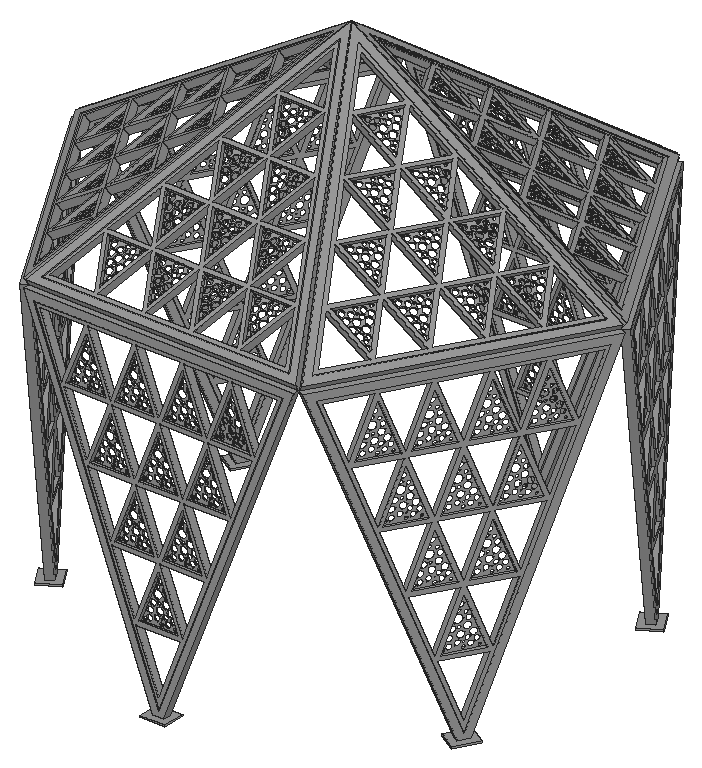
Revit family "Беседка «Трекант» Арт 19429", category Антураж, Revit 2018 (continued)
Automatic sketch dimensions
  Extrusion 40 sketch curve to Extrusion 40 sketch curve = 11.104 mm
  Extrusion 40 sketch curve to Extrusion 40 sketch curve = 38.537 mm
  Extrusion 41 sketch curve to plane 8 "123" = 476.44 mm
  plane 3 "По центру (Влево/Вправо)" to Extrusion 41 sketch curve = 1850.721 mm
  Extrusion 41 sketch curve to Extrusion 41 sketch curve = 26.608 mm
  Extrusion 41 sketch curve to Extrusion 41 sketch curve = 34.088 mm
  Extrusion 41 sketch curve to Extrusion 41 sketch curve = 1.206 mm
  Extrusion 41 sketch curve to Extrusion 41 sketch curve = 21.176 mm
  Extrusion 41 sketch curve to Extrusion 41 sketch curve = 49.958 mm
  Extrusion 41 sketch curve to Extrusion 41 sketch curve = 31.469 mm
  Extrusion 41 sketch curve to Extrusion 41 sketch curve = 0.052 mm
  Extrusion 41 sketch curve to Extrusion 41 sketch curve = 38.438 mm
  Extrusion 41 sketch curve to Extrusion 41 sketch curve = 6.752 mm
  Extrusion 41 sketch curve to Extrusion 41 sketch curve = 16.343 mm
  Extrusion 41 sketch curve to plane 8 "123" = 119.771 mm
  Extrusion 41 sketch curve to Extrusion 41 sketch curve = 5.971 mm
  Extrusion 41 sketch curve to Extrusion 41 sketch curve = 34.201 mm
  Extrusion 41 sketch curve to Extrusion 41 sketch curve = 1.495 mm
  Extrusion 41 sketch curve to Extrusion 41 sketch curve = 44.825 mm
  Extrusion 41 sketch curve to Extrusion 41 sketch curve = 21.489 mm
  Extrusion 41 sketch curve to Extrusion 41 sketch curve = 46.74 mm
  Extrusion 41 sketch curve to Extrusion 41 sketch curve = 17.599 mm
  Extrusion 41 sketch curve to Extrusion 41 sketch curve = 18.342 mm
  Extrusion 41 sketch curve to Extrusion 41 sketch curve = 34.657 mm
  Extrusion 41 sketch curve to Extrusion 41 sketch curve = 35.947 mm
  Extrusion 41 sketch curve to Extrusion 41 sketch curve = 15.165 mm
  Extrusion 41 sketch curve to Extrusion 41 sketch curve = 36.532 mm
  Extrusion 41 sketch curve to Extrusion 41 sketch curve = 17.608 mm
  Extrusion 41 sketch curve to Extrusion 41 sketch curve = 17.736 mm
  Extrusion 41 sketch curve to Extrusion 41 sketch curve = 18.246 mm
  Extrusion 41 sketch curve to Extrusion 41 sketch curve = 14.653 mm
  Extrusion 41 sketch curve to Extrusion 41 sketch curve = 16.154 mm
  Extrusion 41 sketch curve to Extrusion 41 sketch curve = 31.299 mm
  Extrusion 41 sketch curve to Extrusion 41 sketch curve = 31.936 mm
  Extrusion 41 sketch curve to Extrusion 41 sketch curve = 25.851 mm
  Extrusion 41 sketch curve to Extrusion 41 sketch curve = 22.422 mm
  Extrusion 41 sketch curve to Extrusion 41 sketch curve = 51.657 mm
  Extrusion 41 sketch curve to Extrusion 41 sketch curve = 25.059 mm
  Extrusion 41 sketch curve to Extrusion 41 sketch curve = 30.603 mm
  Extrusion 41 sketch curve to Extrusion 41 sketch curve = 51.382 mm
  Extrusion 41 sketch curve to Extrusion 41 sketch curve = 6.429 mm
  Extrusion 41 sketch curve to Extrusion 41 sketch curve = 3.118 mm
  Extrusion 41 sketch curve to Extrusion 41 sketch curve = 47.115 mm
  Extrusion 41 sketch curve to Extrusion 41 sketch curve = 50.724 mm
  Extrusion 41 sketch curve to Extrusion 41 sketch curve = 37.627 mm
  Extrusion 41 sketch curve to Extrusion 41 sketch curve = 11.104 mm
  Extrusion 41 sketch curve to Extrusion 41 sketch curve = 38.537 mm
  Extrusion 42 sketch curve to plane 8 "123" = 476.44 mm
  plane 3 "По центру (Влево/Вправо)" to Extrusion 42 sketch curve = 1523.333 mm
  Extrusion 42 sketch curve to Extrusion 42 sketch curve = 26.608 mm
  Extrusion 42 sketch curve to Extrusion 42 sketch curve = 34.088 mm
  Extrusion 42 sketch curve to Extrusion 42 sketch curve = 1.206 mm
  Extrusion 42 sketch curve to Extrusion 42 sketch curve = 21.176 mm
  Extrusion 42 sketch curve to Extrusion 42 sketch curve = 49.958 mm
  Extrusion 42 sketch curve to Extrusion 42 sketch curve = 31.469 mm
  Extrusion 42 sketch curve to Extrusion 42 sketch curve = 0.052 mm
  Extrusion 42 sketch curve to Extrusion 42 sketch curve = 38.438 mm
  Extrusion 42 sketch curve to Extrusion 42 sketch curve = 6.752 mm
  Extrusion 42 sketch curve to Extrusion 42 sketch curve = 16.343 mm
  Extrusion 42 sketch curve to plane 8 "123" = 119.771 mm
  Extrusion 42 sketch curve to Extrusion 42 sketch curve = 5.971 mm
  Extrusion 42 sketch curve to Extrusion 42 sketch curve = 34.201 mm
  Extrusion 42 sketch curve to Extrusion 42 sketch curve = 1.495 mm
  Extrusion 42 sketch curve to Extrusion 42 sketch curve = 44.825 mm
  Extrusion 42 sketch curve to Extrusion 42 sketch curve = 21.489 mm
  Extrusion 42 sketch curve to Extrusion 42 sketch curve = 46.74 mm
  Extrusion 42 sketch curve to Extrusion 42 sketch curve = 17.599 mm
  Extrusion 42 sketch curve to Extrusion 42 sketch curve = 18.342 mm
  Extrusion 42 sketch curve to Extrusion 42 sketch curve = 34.657 mm
  Extrusion 42 sketch curve to Extrusion 42 sketch curve = 35.947 mm
  Extrusion 42 sketch curve to Extrusion 42 sketch curve = 15.165 mm
  Extrusion 42 sketch curve to Extrusion 42 sketch curve = 36.532 mm
  Extrusion 42 sketch curve to Extrusion 42 sketch curve = 17.608 mm
  Extrusion 42 sketch curve to Extrusion 42 sketch curve = 17.736 mm
  Extrusion 42 sketch curve to Extrusion 42 sketch curve = 18.246 mm
  Extrusion 42 sketch curve to Extrusion 42 sketch curve = 14.653 mm
  Extrusion 42 sketch curve to Extrusion 42 sketch curve = 16.154 mm
  Extrusion 42 sketch curve to Extrusion 42 sketch curve = 31.299 mm
  Extrusion 42 sketch curve to Extrusion 42 sketch curve = 31.936 mm
  Extrusion 42 sketch curve to Extrusion 42 sketch curve = 25.851 mm
  Extrusion 42 sketch curve to Extrusion 42 sketch curve = 22.422 mm
  Extrusion 42 sketch curve to Extrusion 42 sketch curve = 51.657 mm
  Extrusion 42 sketch curve to Extrusion 42 sketch curve = 25.059 mm
  Extrusion 42 sketch curve to Extrusion 42 sketch curve = 30.603 mm
  Extrusion 42 sketch curve to Extrusion 42 sketch curve = 51.382 mm
  Extrusion 42 sketch curve to Extrusion 42 sketch curve = 6.429 mm
  Extrusion 42 sketch curve to Extrusion 42 sketch curve = 3.118 mm
  Extrusion 42 sketch curve to Extrusion 42 sketch curve = 47.115 mm
  Extrusion 42 sketch curve to Extrusion 42 sketch curve = 50.724 mm
  Extrusion 42 sketch curve to Extrusion 42 sketch curve = 37.627 mm
  Extrusion 42 sketch curve to Extrusion 42 sketch curve = 11.104 mm
  Extrusion 42 sketch curve to Extrusion 42 sketch curve = 38.537 mm
  Extrusion 43 sketch curve to plane 5 = 1413.198 mm
  Extrusion 43 sketch curve to Extrusion 43 sketch curve = 26.608 mm
  Extrusion 43 sketch curve to Extrusion 43 sketch curve = 34.088 mm
  Extrusion 43 sketch curve to Extrusion 43 sketch curve = 1.206 mm
  Extrusion 43 sketch curve to Extrusion 43 sketch curve = 21.176 mm
  Extrusion 43 sketch curve to Extrusion 43 sketch curve = 49.958 mm
  Extrusion 43 sketch curve to Extrusion 43 sketch curve = 31.469 mm
  Extrusion 43 sketch curve to Extrusion 43 sketch curve = 0.052 mm
  Extrusion 43 sketch curve to Extrusion 43 sketch curve = 38.438 mm
  Extrusion 43 sketch curve to Extrusion 43 sketch curve = 6.752 mm
  Extrusion 43 sketch curve to Extrusion 43 sketch curve = 16.343 mm
  Extrusion 43 sketch curve to plane 8 "123" = 546.211 mm
  Extrusion 43 sketch curve to Extrusion 43 sketch curve = 5.971 mm
  Extrusion 43 sketch curve to Extrusion 43 sketch curve = 34.201 mm
  Extrusion 43 sketch curve to Extrusion 43 sketch curve = 1.495 mm
  Extrusion 43 sketch curve to Extrusion 43 sketch curve = 44.825 mm
  Extrusion 43 sketch curve to Extrusion 43 sketch curve = 21.489 mm
  Extrusion 43 sketch curve to Extrusion 43 sketch curve = 46.74 mm
  Extrusion 43 sketch curve to Extrusion 43 sketch curve = 17.599 mm
  Extrusion 43 sketch curve to Extrusion 43 sketch curve = 18.342 mm
  Extrusion 43 sketch curve to Extrusion 43 sketch curve = 34.657 mm
  Extrusion 43 sketch curve to Extrusion 43 sketch curve = 35.947 mm
  Extrusion 43 sketch curve to Extrusion 43 sketch curve = 15.165 mm
  Extrusion 43 sketch curve to Extrusion 43 sketch curve = 36.532 mm
  Extrusion 43 sketch curve to Extrusion 43 sketch curve = 76.801 mm
  Extrusion 43 sketch curve to Extrusion 43 sketch curve = 38.537 mm
  Extrusion 43 sketch curve to Extrusion 43 sketch curve = 11.104 mm
  Extrusion 43 sketch curve to Extrusion 43 sketch curve = 48.241 mm
  Extrusion 43 sketch curve to Extrusion 43 sketch curve = 37.627 mm
  Extrusion 43 sketch curve to Extrusion 43 sketch curve = 47.115 mm
  Extrusion 43 sketch curve to Extrusion 43 sketch curve = 3.118 mm
  Extrusion 43 sketch curve to Extrusion 43 sketch curve = 6.429 mm
  Extrusion 43 sketch curve to Extrusion 43 sketch curve = 42.916 mm
  Extrusion 43 sketch curve to Extrusion 43 sketch curve = 45.343 mm
  Extrusion 43 sketch curve to Extrusion 43 sketch curve = 51.382 mm
  Extrusion 43 sketch curve to Extrusion 43 sketch curve = 30.603 mm
  Extrusion 43 sketch curve to Extrusion 43 sketch curve = 42.956 mm
  Extrusion 43 sketch curve to Extrusion 43 sketch curve = 22.422 mm
  Extrusion 43 sketch curve to Extrusion 43 sketch curve = 0.638 mm
  Extrusion 43 sketch curve to Extrusion 43 sketch curve = 38.204 mm
  Extrusion 43 sketch curve to Extrusion 43 sketch curve = 51.657 mm
  Extrusion 43 sketch curve to Extrusion 43 sketch curve = 14.653 mm
  Extrusion 43 sketch curve to Extrusion 43 sketch curve = 41.877 mm
  Extrusion 43 sketch curve to Extrusion 43 sketch curve = 31.936 mm
  Extrusion 43 sketch curve to Extrusion 43 sketch curve = 17.736 mm
  Extrusion 44 sketch curve to plane 5 = 1740.586 mm
  Extrusion 44 sketch curve to Extrusion 44 sketch curve = 26.608 mm
  Extrusion 44 sketch curve to Extrusion 44 sketch curve = 34.088 mm
  Extrusion 44 sketch curve to Extrusion 44 sketch curve = 1.206 mm
  Extrusion 44 sketch curve to Extrusion 44 sketch curve = 21.176 mm
  Extrusion 44 sketch curve to Extrusion 44 sketch curve = 49.958 mm
  Extrusion 44 sketch curve to Extrusion 44 sketch curve = 31.469 mm
  Extrusion 44 sketch curve to Extrusion 44 sketch curve = 0.052 mm
  Extrusion 44 sketch curve to Extrusion 44 sketch curve = 38.438 mm
  Extrusion 44 sketch curve to Extrusion 44 sketch curve = 6.752 mm
  Extrusion 44 sketch curve to Extrusion 44 sketch curve = 16.343 mm
  Extrusion 44 sketch curve to plane 8 "123" = 546.211 mm
  Extrusion 44 sketch curve to Extrusion 44 sketch curve = 5.971 mm
  Extrusion 44 sketch curve to Extrusion 44 sketch curve = 34.201 mm
  Extrusion 44 sketch curve to Extrusion 44 sketch curve = 1.495 mm
  Extrusion 44 sketch curve to Extrusion 44 sketch curve = 44.825 mm
  Extrusion 44 sketch curve to Extrusion 44 sketch curve = 21.489 mm
  Extrusion 44 sketch curve to Extrusion 44 sketch curve = 46.74 mm
  Extrusion 44 sketch curve to Extrusion 44 sketch curve = 17.599 mm
  Extrusion 44 sketch curve to Extrusion 44 sketch curve = 18.342 mm
  Extrusion 44 sketch curve to Extrusion 44 sketch curve = 34.657 mm
  Extrusion 44 sketch curve to Extrusion 44 sketch curve = 35.947 mm
  Extrusion 44 sketch curve to Extrusion 44 sketch curve = 15.165 mm
  Extrusion 44 sketch curve to Extrusion 44 sketch curve = 36.532 mm
  Extrusion 44 sketch curve to Extrusion 44 sketch curve = 76.801 mm
  Extrusion 44 sketch curve to Extrusion 44 sketch curve = 38.537 mm
  Extrusion 44 sketch curve to Extrusion 44 sketch curve = 11.104 mm
  Extrusion 44 sketch curve to Extrusion 44 sketch curve = 48.241 mm
  Extrusion 44 sketch curve to Extrusion 44 sketch curve = 37.627 mm
  Extrusion 44 sketch curve to Extrusion 44 sketch curve = 47.115 mm
  Extrusion 44 sketch curve to Extrusion 44 sketch curve = 3.118 mm
  Extrusion 44 sketch curve to Extrusion 44 sketch curve = 6.429 mm
  Extrusion 44 sketch curve to Extrusion 44 sketch curve = 42.916 mm
  Extrusion 44 sketch curve to Extrusion 44 sketch curve = 45.343 mm
  Extrusion 44 sketch curve to Extrusion 44 sketch curve = 51.382 mm
  Extrusion 44 sketch curve to Extrusion 44 sketch curve = 30.603 mm
  Extrusion 44 sketch curve to Extrusion 44 sketch curve = 42.956 mm
  Extrusion 44 sketch curve to Extrusion 44 sketch curve = 22.422 mm
  Extrusion 44 sketch curve to Extrusion 44 sketch curve = 0.638 mm
  Extrusion 44 sketch curve to Extrusion 44 sketch curve = 38.204 mm
  Extrusion 44 sketch curve to Extrusion 44 sketch curve = 51.657 mm
  Extrusion 44 sketch curve to Extrusion 44 sketch curve = 14.653 mm
  Extrusion 44 sketch curve to Extrusion 44 sketch curve = 41.877 mm
  Extrusion 44 sketch curve to Extrusion 44 sketch curve = 31.936 mm
  Extrusion 44 sketch curve to Extrusion 44 sketch curve = 17.736 mm
  plane 3 "По центру (Влево/Вправо)" to Extrusion 45 sketch curve = 1687.026 mm
  Extrusion 45 sketch curve to Extrusion 45 sketch curve = 26.608 mm
  Extrusion 45 sketch curve to Extrusion 45 sketch curve = 34.088 mm
  Extrusion 45 sketch curve to Extrusion 45 sketch curve = 1.206 mm
  Extrusion 45 sketch curve to Extrusion 45 sketch curve = 21.176 mm
  Extrusion 45 sketch curve to Extrusion 45 sketch curve = 49.958 mm
  Extrusion 45 sketch curve to Extrusion 45 sketch curve = 31.469 mm
  Extrusion 45 sketch curve to Extrusion 45 sketch curve = 0.052 mm
  Extrusion 45 sketch curve to Extrusion 45 sketch curve = 38.438 mm
  Extrusion 45 sketch curve to Extrusion 45 sketch curve = 6.752 mm
  Extrusion 45 sketch curve to Extrusion 45 sketch curve = 16.343 mm
  Extrusion 45 sketch curve to plane 8 "123" = 546.211 mm
  Extrusion 45 sketch curve to Extrusion 45 sketch curve = 5.971 mm
  Extrusion 45 sketch curve to Extrusion 45 sketch curve = 34.201 mm
  Extrusion 45 sketch curve to Extrusion 45 sketch curve = 1.495 mm
  Extrusion 45 sketch curve to Extrusion 45 sketch curve = 44.825 mm
  Extrusion 45 sketch curve to Extrusion 45 sketch curve = 21.489 mm
  Extrusion 45 sketch curve to Extrusion 45 sketch curve = 46.74 mm
  Extrusion 45 sketch curve to Extrusion 45 sketch curve = 17.599 mm
  Extrusion 45 sketch curve to Extrusion 45 sketch curve = 18.342 mm
  Extrusion 45 sketch curve to Extrusion 45 sketch curve = 34.657 mm
  Extrusion 45 sketch curve to Extrusion 45 sketch curve = 35.947 mm
  Extrusion 45 sketch curve to Extrusion 45 sketch curve = 15.165 mm
  Extrusion 45 sketch curve to Extrusion 45 sketch curve = 36.532 mm
  Extrusion 45 sketch curve to Extrusion 45 sketch curve = 76.801 mm
  Extrusion 45 sketch curve to Extrusion 45 sketch curve = 38.537 mm
  Extrusion 45 sketch curve to Extrusion 45 sketch curve = 11.104 mm
  Extrusion 45 sketch curve to Extrusion 45 sketch curve = 48.241 mm
  Extrusion 45 sketch curve to Extrusion 45 sketch curve = 37.627 mm
  Extrusion 45 sketch curve to Extrusion 45 sketch curve = 47.115 mm
  Extrusion 45 sketch curve to Extrusion 45 sketch curve = 3.118 mm
  Extrusion 45 sketch curve to Extrusion 45 sketch curve = 6.429 mm
  Extrusion 45 sketch curve to Extrusion 45 sketch curve = 42.916 mm
  Extrusion 45 sketch curve to Extrusion 45 sketch curve = 45.343 mm
  Extrusion 45 sketch curve to Extrusion 45 sketch curve = 51.382 mm
  Extrusion 45 sketch curve to Extrusion 45 sketch curve = 30.603 mm
  Extrusion 45 sketch curve to Extrusion 45 sketch curve = 42.956 mm
  Extrusion 45 sketch curve to Extrusion 45 sketch curve = 22.422 mm
  Extrusion 45 sketch curve to Extrusion 45 sketch curve = 0.638 mm
  Extrusion 45 sketch curve to Extrusion 45 sketch curve = 38.204 mm
  Extrusion 45 sketch curve to Extrusion 45 sketch curve = 51.657 mm
  Extrusion 45 sketch curve to Extrusion 45 sketch curve = 14.653 mm
  Extrusion 45 sketch curve to Extrusion 45 sketch curve = 41.877 mm
  Extrusion 45 sketch curve to Extrusion 45 sketch curve = 31.936 mm
  Extrusion 45 sketch curve to Extrusion 45 sketch curve = 17.736 mm
  Extrusion 46 sketch curve to plane 5 = 1576.893 mm
  Extrusion 46 sketch curve to Extrusion 46 sketch curve = 26.608 mm
  Extrusion 46 sketch curve to Extrusion 46 sketch curve = 34.088 mm
  Extrusion 46 sketch curve to Extrusion 46 sketch curve = 1.206 mm
  Extrusion 46 sketch curve to Extrusion 46 sketch curve = 21.176 mm
  Extrusion 46 sketch curve to Extrusion 46 sketch curve = 49.958 mm
  Extrusion 46 sketch curve to Extrusion 46 sketch curve = 31.469 mm
  Extrusion 46 sketch curve to Extrusion 46 sketch curve = 0.052 mm
  Extrusion 46 sketch curve to Extrusion 46 sketch curve = 38.438 mm
  Extrusion 46 sketch curve to Extrusion 46 sketch curve = 6.752 mm
  Extrusion 46 sketch curve to Extrusion 46 sketch curve = 16.343 mm
  Extrusion 46 sketch curve to Extrusion 46 sketch curve = 5.971 mm
  Extrusion 46 sketch curve to Extrusion 46 sketch curve = 34.201 mm
  Extrusion 46 sketch curve to Extrusion 46 sketch curve = 1.495 mm
  Extrusion 46 sketch curve to Extrusion 46 sketch curve = 44.825 mm
  Extrusion 46 sketch curve to Extrusion 46 sketch curve = 21.489 mm
  Extrusion 46 sketch curve to Extrusion 46 sketch curve = 46.74 mm
  Extrusion 46 sketch curve to Extrusion 46 sketch curve = 17.599 mm
  Extrusion 46 sketch curve to Extrusion 46 sketch curve = 18.342 mm
  Extrusion 46 sketch curve to Extrusion 46 sketch curve = 34.657 mm
  Extrusion 46 sketch curve to Extrusion 46 sketch curve = 35.947 mm
  Extrusion 46 sketch curve to Extrusion 46 sketch curve = 15.165 mm
  Extrusion 46 sketch curve to Extrusion 46 sketch curve = 36.532 mm
  level to Extrusion 46 sketch curve = 970.272 mm
  Extrusion 46 sketch curve to Extrusion 46 sketch curve = 17.608 mm
  Extrusion 46 sketch curve to Extrusion 46 sketch curve = 17.736 mm
  Extrusion 46 sketch curve to Extrusion 46 sketch curve = 18.246 mm
  Extrusion 46 sketch curve to Extrusion 46 sketch curve = 14.653 mm
  Extrusion 46 sketch curve to Extrusion 46 sketch curve = 16.154 mm
  Extrusion 46 sketch curve to Extrusion 46 sketch curve = 31.299 mm
  Extrusion 46 sketch curve to Extrusion 46 sketch curve = 31.936 mm
  Extrusion 46 sketch curve to Extrusion 46 sketch curve = 25.851 mm
  Extrusion 46 sketch curve to Extrusion 46 sketch curve = 22.422 mm
  Extrusion 46 sketch curve to Extrusion 46 sketch curve = 51.657 mm
  Extrusion 46 sketch curve to Extrusion 46 sketch curve = 25.059 mm
  Extrusion 46 sketch curve to Extrusion 46 sketch curve = 30.603 mm
  Extrusion 46 sketch curve to Extrusion 46 sketch curve = 51.382 mm
  Extrusion 46 sketch curve to Extrusion 46 sketch curve = 6.429 mm
  Extrusion 46 sketch curve to Extrusion 46 sketch curve = 3.118 mm
  Extrusion 46 sketch curve to Extrusion 46 sketch curve = 47.115 mm
  Extrusion 46 sketch curve to Extrusion 46 sketch curve = 50.724 mm
  Extrusion 46 sketch curve to Extrusion 46 sketch curve = 37.627 mm
  Extrusion 46 sketch curve to Extrusion 46 sketch curve = 11.104 mm
  Extrusion 46 sketch curve to Extrusion 46 sketch curve = 38.537 mm
  Extrusion 46 sketch curve to Extrusion 46 sketch curve = 76.801 mm
  plane 3 "По центру (Влево/Вправо)" to Extrusion 47 sketch curve = 1850.719 mm
  Extrusion 47 sketch curve to Extrusion 47 sketch curve = 26.608 mm
  Extrusion 47 sketch curve to Extrusion 47 sketch curve = 34.088 mm
  Extrusion 47 sketch curve to Extrusion 47 sketch curve = 1.206 mm
  Extrusion 47 sketch curve to Extrusion 47 sketch curve = 21.176 mm
  Extrusion 47 sketch curve to Extrusion 47 sketch curve = 49.958 mm
  Extrusion 47 sketch curve to Extrusion 47 sketch curve = 31.469 mm
  Extrusion 47 sketch curve to Extrusion 47 sketch curve = 0.052 mm
  Extrusion 47 sketch curve to Extrusion 47 sketch curve = 38.438 mm
  Extrusion 47 sketch curve to Extrusion 47 sketch curve = 6.752 mm
  Extrusion 47 sketch curve to Extrusion 47 sketch curve = 16.343 mm
  Extrusion 47 sketch curve to Extrusion 47 sketch curve = 5.971 mm
  Extrusion 47 sketch curve to Extrusion 47 sketch curve = 34.201 mm
  Extrusion 47 sketch curve to Extrusion 47 sketch curve = 1.495 mm
  Extrusion 47 sketch curve to Extrusion 47 sketch curve = 44.825 mm
  Extrusion 47 sketch curve to Extrusion 47 sketch curve = 21.489 mm
  Extrusion 47 sketch curve to Extrusion 47 sketch curve = 46.74 mm
  Extrusion 47 sketch curve to Extrusion 47 sketch curve = 17.599 mm
  Extrusion 47 sketch curve to Extrusion 47 sketch curve = 18.342 mm
  Extrusion 47 sketch curve to Extrusion 47 sketch curve = 34.657 mm
  Extrusion 47 sketch curve to Extrusion 47 sketch curve = 35.947 mm
  Extrusion 47 sketch curve to Extrusion 47 sketch curve = 15.165 mm
  Extrusion 47 sketch curve to Extrusion 47 sketch curve = 36.532 mm
  level to Extrusion 47 sketch curve = 970.272 mm
  Extrusion 47 sketch curve to Extrusion 47 sketch curve = 17.608 mm
  Extrusion 47 sketch curve to Extrusion 47 sketch curve = 17.736 mm
  Extrusion 47 sketch curve to Extrusion 47 sketch curve = 18.246 mm
  Extrusion 47 sketch curve to Extrusion 47 sketch curve = 14.653 mm
  Extrusion 47 sketch curve to Extrusion 47 sketch curve = 16.154 mm
  Extrusion 47 sketch curve to Extrusion 47 sketch curve = 31.299 mm
  Extrusion 47 sketch curve to Extrusion 47 sketch curve = 31.936 mm
  Extrusion 47 sketch curve to Extrusion 47 sketch curve = 25.851 mm
  Extrusion 47 sketch curve to Extrusion 47 sketch curve = 22.422 mm
  Extrusion 47 sketch curve to Extrusion 47 sketch curve = 51.657 mm
  Extrusion 47 sketch curve to Extrusion 47 sketch curve = 25.059 mm
  Extrusion 47 sketch curve to Extrusion 47 sketch curve = 30.603 mm
  Extrusion 47 sketch curve to Extrusion 47 sketch curve = 51.382 mm
  Extrusion 47 sketch curve to Extrusion 47 sketch curve = 6.429 mm
  Extrusion 47 sketch curve to Extrusion 47 sketch curve = 3.118 mm
  Extrusion 47 sketch curve to Extrusion 47 sketch curve = 47.115 mm
  Extrusion 47 sketch curve to Extrusion 47 sketch curve = 50.724 mm
  Extrusion 47 sketch curve to Extrusion 47 sketch curve = 37.627 mm
  Extrusion 47 sketch curve to Extrusion 47 sketch curve = 11.104 mm
  Extrusion 47 sketch curve to Extrusion 47 sketch curve = 38.537 mm
  Extrusion 47 sketch curve to Extrusion 47 sketch curve = 76.801 mm
  level to Extrusion 48 sketch curve = 543.832 mm
  Extrusion 48 sketch curve to plane 5 = 1740.588 mm
  Extrusion 48 sketch curve to Extrusion 48 sketch curve = 26.608 mm
  Extrusion 48 sketch curve to Extrusion 48 sketch curve = 34.088 mm
  Extrusion 48 sketch curve to Extrusion 48 sketch curve = 1.206 mm
  Extrusion 48 sketch curve to Extrusion 48 sketch curve = 21.176 mm
  Extrusion 48 sketch curve to Extrusion 48 sketch curve = 49.958 mm
  Extrusion 48 sketch curve to Extrusion 48 sketch curve = 31.469 mm
  Extrusion 48 sketch curve to Extrusion 48 sketch curve = 0.052 mm
  Extrusion 48 sketch curve to Extrusion 48 sketch curve = 38.438 mm
  Extrusion 48 sketch curve to Extrusion 48 sketch curve = 6.752 mm
  Extrusion 48 sketch curve to Extrusion 48 sketch curve = 16.343 mm
  level to Extrusion 48 sketch curve = 900.501 mm
  Extrusion 48 sketch curve to Extrusion 48 sketch curve = 5.971 mm
  Extrusion 48 sketch curve to Extrusion 48 sketch curve = 34.201 mm
  Extrusion 48 sketch curve to Extrusion 48 sketch curve = 1.495 mm
  Extrusion 48 sketch curve to Extrusion 48 sketch curve = 44.825 mm
  Extrusion 48 sketch curve to Extrusion 48 sketch curve = 21.489 mm
  Extrusion 48 sketch curve to Extrusion 48 sketch curve = 46.74 mm
  Extrusion 48 sketch curve to Extrusion 48 sketch curve = 17.599 mm
  Extrusion 48 sketch curve to Extrusion 48 sketch curve = 18.342 mm
  Extrusion 48 sketch curve to Extrusion 48 sketch curve = 34.657 mm
  Extrusion 48 sketch curve to Extrusion 48 sketch curve = 35.947 mm
  Extrusion 48 sketch curve to Extrusion 48 sketch curve = 15.165 mm
  Extrusion 48 sketch curve to Extrusion 48 sketch curve = 36.532 mm
  Extrusion 48 sketch curve to Extrusion 48 sketch curve = 17.608 mm
  Extrusion 48 sketch curve to Extrusion 48 sketch curve = 17.736 mm
  Extrusion 48 sketch curve to Extrusion 48 sketch curve = 18.246 mm
  Extrusion 48 sketch curve to Extrusion 48 sketch curve = 14.653 mm
  Extrusion 48 sketch curve to Extrusion 48 sketch curve = 16.154 mm
  Extrusion 48 sketch curve to Extrusion 48 sketch curve = 31.299 mm
  Extrusion 48 sketch curve to Extrusion 48 sketch curve = 31.936 mm
  Extrusion 48 sketch curve to Extrusion 48 sketch curve = 25.851 mm
  Extrusion 48 sketch curve to Extrusion 48 sketch curve = 22.422 mm
  Extrusion 48 sketch curve to Extrusion 48 sketch curve = 51.657 mm
  Extrusion 48 sketch curve to Extrusion 48 sketch curve = 25.059 mm
  Extrusion 48 sketch curve to Extrusion 48 sketch curve = 30.603 mm
  Extrusion 48 sketch curve to Extrusion 48 sketch curve = 51.382 mm
  Extrusion 48 sketch curve to Extrusion 48 sketch curve = 6.429 mm
  Extrusion 48 sketch curve to Extrusion 48 sketch curve = 3.118 mm
  Extrusion 48 sketch curve to Extrusion 48 sketch curve = 47.115 mm
  Extrusion 48 sketch curve to Extrusion 48 sketch curve = 50.724 mm
  Extrusion 48 sketch curve to Extrusion 48 sketch curve = 37.627 mm
  Extrusion 48 sketch curve to Extrusion 48 sketch curve = 11.104 mm
  Extrusion 48 sketch curve to Extrusion 48 sketch curve = 38.537 mm
  plane 8 "123" to Extrusion 49 sketch curve = 0 mm
  level to Extrusion 49 sketch curve = 0 mm
  Extrusion 49 sketch curve to plane 8 "123" = 50 mm
  Extrusion 49 sketch curve to Extrusion 49 sketch curve = 72.75 mm  (x2)
  Extrusion 49 sketch curve to Extrusion 49 sketch curve = 809.98 mm
  level to Extrusion 49 sketch curve = 47.642 mm
  Extrusion 49 sketch curve to Extrusion 49 sketch curve = 35.269 mm  (x2)
  Extrusion 49 sketch curve to Extrusion 49 sketch curve = 1690.499 mm
  Extrusion 50 sketch curve to plane 8 "123" = 50 mm
  Extrusion 50 sketch curve to Extrusion 50 sketch curve = 36.379 mm  (x2)
  Extrusion 50 sketch curve to plane 8 "123" = 476.44 mm  (x7)
  Extrusion 50 sketch curve to Extrusion 50 sketch curve = 154.094 mm  (x2)
  Extrusion 50 sketch curve to plane 8 "123" = 501.44 mm  (x4)
  Extrusion 50 sketch curve to Extrusion 50 sketch curve = 9.597 mm  (x13)
  Extrusion 50 sketch curve to Extrusion 50 sketch curve = 26.779 mm  (x8)
  Extrusion 50 sketch curve to plane 8 "123" = 75.01 mm  (x5)
  Extrusion 50 sketch curve to Extrusion 50 sketch curve = 308.189 mm  (x5)
  Extrusion 50 sketch curve to plane 8 "123" = 119.771 mm  (x4)
  Extrusion 50 sketch curve to plane 8 "123" = 902.88 mm  (x5)
  Extrusion 50 sketch curve to Extrusion 50 sketch curve = 154.098 mm  (x3)
  Extrusion 50 sketch curve to Extrusion 50 sketch curve = 19.199 mm  (x4)
  Extrusion 50 sketch curve to Extrusion 50 sketch curve = 273.825 mm  (x10)
  Extrusion 50 sketch curve to Extrusion 50 sketch curve = 17.19 mm  (x4)
  Extrusion 50 sketch curve to plane 8 "123" = 546.211 mm  (x3)
  Extrusion 50 sketch curve to Extrusion 50 sketch curve = 9.593 mm  (x5)
  Extrusion 50 sketch curve to Extrusion 50 sketch curve = 9.595 mm  (x5)
  level to Extrusion 50 sketch curve = 970.272 mm  (x5)
  Extrusion 50 sketch curve to Extrusion 50 sketch curve = 19.191 mm  (x2)
  level to Extrusion 50 sketch curve = 945.272 mm
  Extrusion 50 sketch curve to plane 8 "123" = 927.88 mm  (x2)
  Extrusion 50 sketch curve to plane 8 "123" = 972.651 mm  (x2)
  level to Extrusion 50 sketch curve = 543.832 mm  (x2)
  Extrusion 50 sketch curve to Extrusion 50 sketch curve = 19.189 mm  (x2)
  level to Extrusion 50 sketch curve = 47.642 mm
  level to Extrusion 50 sketch curve = 117.402 mm
  Extrusion 50 sketch curve to Extrusion 50 sketch curve = 0 mm  (x6)
  level to Extrusion 50 sketch curve = 900.501 mm
  Extrusion 50 sketch curve to Extrusion 50 sketch curve = 19.181 mm
  Extrusion 50 sketch curve to Extrusion 50 sketch curve = 19.185 mm
  Extrusion 50 sketch curve to Extrusion 50 sketch curve = 26.781 mm
  level to Extrusion 50 sketch curve = 518.832 mm
  Extrusion 50 sketch curve to Extrusion 50 sketch curve = 17.182 mm
  Extrusion 50 sketch curve to Extrusion 50 sketch curve = 17.188 mm  (x3)
  Extrusion 50 sketch curve to plane 8 "123" = 902.89 mm
  Extrusion 50 sketch curve to Extrusion 50 sketch curve = 9.591 mm
  Extrusion 50 sketch curve to Extrusion 50 sketch curve = 26.785 mm
  Extrusion 50 sketch curve to Extrusion 50 sketch curve = 17.184 mm
  Extrusion 50 sketch curve to Extrusion 50 sketch curve = 17.186 mm
  Extrusion 50 sketch curve to Extrusion 50 sketch curve = 25 mm
  Extrusion 51 sketch curve to plane 8 "123" = 476.44 mm
  Extrusion 51 sketch curve to Extrusion 51 sketch curve = 26.608 mm
  Extrusion 51 sketch curve to Extrusion 51 sketch curve = 34.088 mm
  Extrusion 51 sketch curve to Extrusion 51 sketch curve = 1.206 mm
  Extrusion 51 sketch curve to Extrusion 51 sketch curve = 21.176 mm
  Extrusion 51 sketch curve to Extrusion 51 sketch curve = 49.958 mm
  Extrusion 51 sketch curve to Extrusion 51 sketch curve = 31.469 mm
  Extrusion 51 sketch curve to Extrusion 51 sketch curve = 0.052 mm
  Extrusion 51 sketch curve to Extrusion 51 sketch curve = 38.438 mm
  Extrusion 51 sketch curve to Extrusion 51 sketch curve = 6.752 mm
  Extrusion 51 sketch curve to Extrusion 51 sketch curve = 16.343 mm
  Extrusion 51 sketch curve to plane 8 "123" = 119.771 mm
  Extrusion 51 sketch curve to Extrusion 51 sketch curve = 5.971 mm
  Extrusion 51 sketch curve to Extrusion 51 sketch curve = 34.201 mm
  Extrusion 51 sketch curve to Extrusion 51 sketch curve = 1.495 mm
  Extrusion 51 sketch curve to Extrusion 51 sketch curve = 44.825 mm
  Extrusion 51 sketch curve to Extrusion 51 sketch curve = 21.489 mm
  Extrusion 51 sketch curve to Extrusion 51 sketch curve = 46.74 mm
  Extrusion 51 sketch curve to Extrusion 51 sketch curve = 17.599 mm
  Extrusion 51 sketch curve to Extrusion 51 sketch curve = 18.342 mm
  Extrusion 51 sketch curve to Extrusion 51 sketch curve = 34.657 mm
  Extrusion 51 sketch curve to Extrusion 51 sketch curve = 35.947 mm
  Extrusion 51 sketch curve to Extrusion 51 sketch curve = 15.165 mm
  Extrusion 51 sketch curve to Extrusion 51 sketch curve = 36.532 mm
  Extrusion 51 sketch curve to Extrusion 51 sketch curve = 17.608 mm
  Extrusion 51 sketch curve to Extrusion 51 sketch curve = 17.736 mm
  Extrusion 51 sketch curve to Extrusion 51 sketch curve = 18.246 mm
  Extrusion 51 sketch curve to Extrusion 51 sketch curve = 14.653 mm
  Extrusion 51 sketch curve to Extrusion 51 sketch curve = 16.154 mm
  Extrusion 51 sketch curve to Extrusion 51 sketch curve = 31.299 mm
  Extrusion 51 sketch curve to Extrusion 51 sketch curve = 31.936 mm
  Extrusion 51 sketch curve to Extrusion 51 sketch curve = 25.851 mm
  Extrusion 51 sketch curve to Extrusion 51 sketch curve = 22.422 mm
  Extrusion 51 sketch curve to Extrusion 51 sketch curve = 51.657 mm
  Extrusion 51 sketch curve to Extrusion 51 sketch curve = 25.059 mm
  Extrusion 51 sketch curve to Extrusion 51 sketch curve = 30.603 mm
  Extrusion 51 sketch curve to Extrusion 51 sketch curve = 51.382 mm
  Extrusion 51 sketch curve to Extrusion 51 sketch curve = 6.429 mm
  Extrusion 51 sketch curve to Extrusion 51 sketch curve = 3.118 mm
  Extrusion 51 sketch curve to Extrusion 51 sketch curve = 47.115 mm
  Extrusion 51 sketch curve to Extrusion 51 sketch curve = 50.724 mm
  Extrusion 51 sketch curve to Extrusion 51 sketch curve = 37.627 mm
  Extrusion 51 sketch curve to Extrusion 51 sketch curve = 11.104 mm
  Extrusion 51 sketch curve to Extrusion 51 sketch curve = 38.537 mm
  Extrusion 52 sketch curve to plane 8 "123" = 476.44 mm
  Extrusion 52 sketch curve to Extrusion 52 sketch curve = 26.608 mm
  Extrusion 52 sketch curve to Extrusion 52 sketch curve = 34.088 mm
  Extrusion 52 sketch curve to Extrusion 52 sketch curve = 1.206 mm
  Extrusion 52 sketch curve to Extrusion 52 sketch curve = 21.176 mm
  Extrusion 52 sketch curve to Extrusion 52 sketch curve = 49.958 mm
  Extrusion 52 sketch curve to Extrusion 52 sketch curve = 31.469 mm
  Extrusion 52 sketch curve to Extrusion 52 sketch curve = 0.052 mm
  Extrusion 52 sketch curve to Extrusion 52 sketch curve = 38.438 mm
  Extrusion 52 sketch curve to Extrusion 52 sketch curve = 6.752 mm
  Extrusion 52 sketch curve to Extrusion 52 sketch curve = 16.343 mm
  Extrusion 52 sketch curve to plane 8 "123" = 119.771 mm
  Extrusion 52 sketch curve to Extrusion 52 sketch curve = 5.971 mm
  Extrusion 52 sketch curve to Extrusion 52 sketch curve = 34.201 mm
  Extrusion 52 sketch curve to Extrusion 52 sketch curve = 1.495 mm
  Extrusion 52 sketch curve to Extrusion 52 sketch curve = 44.825 mm
  Extrusion 52 sketch curve to Extrusion 52 sketch curve = 21.489 mm
  Extrusion 52 sketch curve to Extrusion 52 sketch curve = 46.74 mm
  Extrusion 52 sketch curve to Extrusion 52 sketch curve = 17.599 mm
  Extrusion 52 sketch curve to Extrusion 52 sketch curve = 18.342 mm
  Extrusion 52 sketch curve to Extrusion 52 sketch curve = 34.657 mm
  Extrusion 52 sketch curve to Extrusion 52 sketch curve = 35.947 mm
  Extrusion 52 sketch curve to Extrusion 52 sketch curve = 15.165 mm
  Extrusion 52 sketch curve to Extrusion 52 sketch curve = 36.532 mm
  Extrusion 52 sketch curve to Extrusion 52 sketch curve = 17.608 mm
  Extrusion 52 sketch curve to Extrusion 52 sketch curve = 17.736 mm
  Extrusion 52 sketch curve to Extrusion 52 sketch curve = 18.246 mm
  Extrusion 52 sketch curve to Extrusion 52 sketch curve = 14.653 mm
  Extrusion 52 sketch curve to Extrusion 52 sketch curve = 16.154 mm
  Extrusion 52 sketch curve to Extrusion 52 sketch curve = 31.299 mm
  Extrusion 52 sketch curve to Extrusion 52 sketch curve = 31.936 mm
  Extrusion 52 sketch curve to Extrusion 52 sketch curve = 25.851 mm
  Extrusion 52 sketch curve to Extrusion 52 sketch curve = 22.422 mm
  Extrusion 52 sketch curve to Extrusion 52 sketch curve = 51.657 mm
  Extrusion 52 sketch curve to Extrusion 52 sketch curve = 25.059 mm
  Extrusion 52 sketch curve to Extrusion 52 sketch curve = 30.603 mm
  Extrusion 52 sketch curve to Extrusion 52 sketch curve = 51.382 mm
  Extrusion 52 sketch curve to Extrusion 52 sketch curve = 6.429 mm
  Extrusion 52 sketch curve to Extrusion 52 sketch curve = 3.118 mm
  Extrusion 52 sketch curve to Extrusion 52 sketch curve = 47.115 mm
  Extrusion 52 sketch curve to Extrusion 52 sketch curve = 50.724 mm
  Extrusion 52 sketch curve to Extrusion 52 sketch curve = 37.627 mm
  Extrusion 52 sketch curve to Extrusion 52 sketch curve = 11.104 mm
  Extrusion 52 sketch curve to Extrusion 52 sketch curve = 38.537 mm
  Extrusion 53 sketch curve to plane 8 "123" = 476.44 mm
  Extrusion 53 sketch curve to Extrusion 53 sketch curve = 26.608 mm
  Extrusion 53 sketch curve to Extrusion 53 sketch curve = 34.088 mm
  Extrusion 53 sketch curve to Extrusion 53 sketch curve = 1.206 mm
  Extrusion 53 sketch curve to Extrusion 53 sketch curve = 21.176 mm
  Extrusion 53 sketch curve to Extrusion 53 sketch curve = 49.958 mm
  Extrusion 53 sketch curve to Extrusion 53 sketch curve = 31.469 mm
  Extrusion 53 sketch curve to Extrusion 53 sketch curve = 0.052 mm
  Extrusion 53 sketch curve to Extrusion 53 sketch curve = 38.438 mm
  Extrusion 53 sketch curve to Extrusion 53 sketch curve = 6.752 mm
  Extrusion 53 sketch curve to Extrusion 53 sketch curve = 16.343 mm
  Extrusion 53 sketch curve to plane 8 "123" = 119.771 mm
  Extrusion 53 sketch curve to Extrusion 53 sketch curve = 5.971 mm
  Extrusion 53 sketch curve to Extrusion 53 sketch curve = 34.201 mm
  Extrusion 53 sketch curve to Extrusion 53 sketch curve = 1.495 mm
  Extrusion 53 sketch curve to Extrusion 53 sketch curve = 44.825 mm
  Extrusion 53 sketch curve to Extrusion 53 sketch curve = 21.489 mm
  Extrusion 53 sketch curve to Extrusion 53 sketch curve = 46.74 mm
  Extrusion 53 sketch curve to Extrusion 53 sketch curve = 17.599 mm
  Extrusion 53 sketch curve to Extrusion 53 sketch curve = 18.342 mm
  Extrusion 53 sketch curve to Extrusion 53 sketch curve = 34.657 mm
  Extrusion 53 sketch curve to Extrusion 53 sketch curve = 35.947 mm
  Extrusion 53 sketch curve to Extrusion 53 sketch curve = 15.165 mm
  Extrusion 53 sketch curve to Extrusion 53 sketch curve = 36.532 mm
  Extrusion 53 sketch curve to Extrusion 53 sketch curve = 17.608 mm
  Extrusion 53 sketch curve to Extrusion 53 sketch curve = 17.736 mm
  Extrusion 53 sketch curve to Extrusion 53 sketch curve = 18.246 mm
  Extrusion 53 sketch curve to Extrusion 53 sketch curve = 14.653 mm
  Extrusion 53 sketch curve to Extrusion 53 sketch curve = 16.154 mm
  Extrusion 53 sketch curve to Extrusion 53 sketch curve = 31.299 mm
  Extrusion 53 sketch curve to Extrusion 53 sketch curve = 31.936 mm
  Extrusion 53 sketch curve to Extrusion 53 sketch curve = 25.851 mm
  Extrusion 53 sketch curve to Extrusion 53 sketch curve = 22.422 mm
  Extrusion 53 sketch curve to Extrusion 53 sketch curve = 51.657 mm
  Extrusion 53 sketch curve to Extrusion 53 sketch curve = 25.059 mm
  Extrusion 53 sketch curve to Extrusion 53 sketch curve = 30.603 mm
  Extrusion 53 sketch curve to Extrusion 53 sketch curve = 51.382 mm
  Extrusion 53 sketch curve to Extrusion 53 sketch curve = 6.429 mm
  Extrusion 53 sketch curve to Extrusion 53 sketch curve = 3.118 mm
  Extrusion 53 sketch curve to Extrusion 53 sketch curve = 47.115 mm
  Extrusion 53 sketch curve to Extrusion 53 sketch curve = 50.724 mm
  Extrusion 53 sketch curve to Extrusion 53 sketch curve = 37.627 mm
  Extrusion 53 sketch curve to Extrusion 53 sketch curve = 11.104 mm
  Extrusion 53 sketch curve to Extrusion 53 sketch curve = 38.537 mm
  Extrusion 54 sketch curve to plane 8 "123" = 476.44 mm
  Extrusion 54 sketch curve to Extrusion 54 sketch curve = 26.608 mm
  Extrusion 54 sketch curve to Extrusion 54 sketch curve = 34.088 mm
  Extrusion 54 sketch curve to Extrusion 54 sketch curve = 1.206 mm
  Extrusion 54 sketch curve to Extrusion 54 sketch curve = 21.176 mm
  Extrusion 54 sketch curve to Extrusion 54 sketch curve = 49.958 mm
  Extrusion 54 sketch curve to Extrusion 54 sketch curve = 31.469 mm
  Extrusion 54 sketch curve to Extrusion 54 sketch curve = 0.052 mm
  Extrusion 54 sketch curve to Extrusion 54 sketch curve = 38.438 mm
  Extrusion 54 sketch curve to Extrusion 54 sketch curve = 6.752 mm
  Extrusion 54 sketch curve to Extrusion 54 sketch curve = 16.343 mm
  Extrusion 54 sketch curve to plane 8 "123" = 119.771 mm
  Extrusion 54 sketch curve to Extrusion 54 sketch curve = 5.971 mm
  Extrusion 54 sketch curve to Extrusion 54 sketch curve = 34.201 mm
  Extrusion 54 sketch curve to Extrusion 54 sketch curve = 1.495 mm
  Extrusion 54 sketch curve to Extrusion 54 sketch curve = 44.825 mm
  Extrusion 54 sketch curve to Extrusion 54 sketch curve = 21.489 mm
  Extrusion 54 sketch curve to Extrusion 54 sketch curve = 46.74 mm
  Extrusion 54 sketch curve to Extrusion 54 sketch curve = 17.599 mm
  Extrusion 54 sketch curve to Extrusion 54 sketch curve = 18.342 mm
  Extrusion 54 sketch curve to Extrusion 54 sketch curve = 34.657 mm
  Extrusion 54 sketch curve to Extrusion 54 sketch curve = 35.947 mm
  Extrusion 54 sketch curve to Extrusion 54 sketch curve = 15.165 mm
  Extrusion 54 sketch curve to Extrusion 54 sketch curve = 36.532 mm
  Extrusion 54 sketch curve to Extrusion 54 sketch curve = 17.608 mm
  Extrusion 54 sketch curve to Extrusion 54 sketch curve = 17.736 mm
  Extrusion 54 sketch curve to Extrusion 54 sketch curve = 18.246 mm
  Extrusion 54 sketch curve to Extrusion 54 sketch curve = 14.653 mm
  Extrusion 54 sketch curve to Extrusion 54 sketch curve = 16.154 mm
  Extrusion 54 sketch curve to Extrusion 54 sketch curve = 31.299 mm
  Extrusion 54 sketch curve to Extrusion 54 sketch curve = 31.936 mm
  Extrusion 54 sketch curve to Extrusion 54 sketch curve = 25.851 mm
  Extrusion 54 sketch curve to Extrusion 54 sketch curve = 22.422 mm
  Extrusion 54 sketch curve to Extrusion 54 sketch curve = 51.657 mm
  Extrusion 54 sketch curve to Extrusion 54 sketch curve = 25.059 mm
  Extrusion 54 sketch curve to Extrusion 54 sketch curve = 30.603 mm
  Extrusion 54 sketch curve to Extrusion 54 sketch curve = 51.382 mm
  Extrusion 54 sketch curve to Extrusion 54 sketch curve = 6.429 mm
  Extrusion 54 sketch curve to Extrusion 54 sketch curve = 3.118 mm
  Extrusion 54 sketch curve to Extrusion 54 sketch curve = 47.115 mm
  Extrusion 54 sketch curve to Extrusion 54 sketch curve = 50.724 mm
  Extrusion 54 sketch curve to Extrusion 54 sketch curve = 37.627 mm
  Extrusion 54 sketch curve to Extrusion 54 sketch curve = 11.104 mm
  Extrusion 54 sketch curve to Extrusion 54 sketch curve = 38.537 mm
  Extrusion 55 sketch curve to plane 8 "123" = 902.88 mm
  Extrusion 55 sketch curve to Extrusion 55 sketch curve = 26.608 mm
  Extrusion 55 sketch curve to Extrusion 55 sketch curve = 34.088 mm
  Extrusion 55 sketch curve to Extrusion 55 sketch curve = 1.206 mm
  Extrusion 55 sketch curve to Extrusion 55 sketch curve = 21.176 mm
  Extrusion 55 sketch curve to Extrusion 55 sketch curve = 49.958 mm
  Extrusion 55 sketch curve to Extrusion 55 sketch curve = 31.469 mm
  Extrusion 55 sketch curve to Extrusion 55 sketch curve = 0.052 mm
  Extrusion 55 sketch curve to Extrusion 55 sketch curve = 38.438 mm
  Extrusion 55 sketch curve to Extrusion 55 sketch curve = 6.752 mm
  Extrusion 55 sketch curve to Extrusion 55 sketch curve = 16.343 mm
  Extrusion 55 sketch curve to plane 8 "123" = 546.211 mm
  Extrusion 55 sketch curve to Extrusion 55 sketch curve = 5.971 mm
  Extrusion 55 sketch curve to Extrusion 55 sketch curve = 34.201 mm
  Extrusion 55 sketch curve to Extrusion 55 sketch curve = 1.495 mm
  Extrusion 55 sketch curve to Extrusion 55 sketch curve = 44.825 mm
  Extrusion 55 sketch curve to Extrusion 55 sketch curve = 21.489 mm
  Extrusion 55 sketch curve to Extrusion 55 sketch curve = 46.74 mm
  Extrusion 55 sketch curve to Extrusion 55 sketch curve = 17.599 mm
  Extrusion 55 sketch curve to Extrusion 55 sketch curve = 18.342 mm
  Extrusion 55 sketch curve to Extrusion 55 sketch curve = 34.657 mm
  Extrusion 55 sketch curve to Extrusion 55 sketch curve = 35.947 mm
  Extrusion 55 sketch curve to Extrusion 55 sketch curve = 15.165 mm
  Extrusion 55 sketch curve to Extrusion 55 sketch curve = 36.532 mm
  Extrusion 55 sketch curve to Extrusion 55 sketch curve = 17.608 mm
  Extrusion 55 sketch curve to Extrusion 55 sketch curve = 17.736 mm
  Extrusion 55 sketch curve to Extrusion 55 sketch curve = 18.246 mm
  Extrusion 55 sketch curve to Extrusion 55 sketch curve = 14.653 mm
  Extrusion 55 sketch curve to Extrusion 55 sketch curve = 16.154 mm
  Extrusion 55 sketch curve to Extrusion 55 sketch curve = 31.299 mm
  Extrusion 55 sketch curve to Extrusion 55 sketch curve = 31.936 mm
  Extrusion 55 sketch curve to Extrusion 55 sketch curve = 25.851 mm
  Extrusion 55 sketch curve to Extrusion 55 sketch curve = 22.422 mm
  Extrusion 55 sketch curve to Extrusion 55 sketch curve = 51.657 mm
  Extrusion 55 sketch curve to Extrusion 55 sketch curve = 25.059 mm
  Extrusion 55 sketch curve to Extrusion 55 sketch curve = 30.603 mm
  Extrusion 55 sketch curve to Extrusion 55 sketch curve = 51.382 mm
  Extrusion 55 sketch curve to Extrusion 55 sketch curve = 6.429 mm
  Extrusion 55 sketch curve to Extrusion 55 sketch curve = 3.118 mm
  Extrusion 55 sketch curve to Extrusion 55 sketch curve = 47.115 mm
  Extrusion 55 sketch curve to Extrusion 55 sketch curve = 50.724 mm
  Extrusion 55 sketch curve to Extrusion 55 sketch curve = 37.627 mm
  Extrusion 55 sketch curve to Extrusion 55 sketch curve = 11.104 mm
  Extrusion 55 sketch curve to Extrusion 55 sketch curve = 38.537 mm
  Extrusion 56 sketch curve to plane 8 "123" = 902.88 mm
  Extrusion 56 sketch curve to Extrusion 56 sketch curve = 26.608 mm
  Extrusion 56 sketch curve to Extrusion 56 sketch curve = 34.088 mm
  Extrusion 56 sketch curve to Extrusion 56 sketch curve = 1.206 mm
  Extrusion 56 sketch curve to Extrusion 56 sketch curve = 21.176 mm
  Extrusion 56 sketch curve to Extrusion 56 sketch curve = 49.958 mm
  Extrusion 56 sketch curve to Extrusion 56 sketch curve = 31.469 mm
  Extrusion 56 sketch curve to Extrusion 56 sketch curve = 0.052 mm
  Extrusion 56 sketch curve to Extrusion 56 sketch curve = 38.438 mm
  Extrusion 56 sketch curve to Extrusion 56 sketch curve = 6.752 mm
  Extrusion 56 sketch curve to Extrusion 56 sketch curve = 16.343 mm
  Extrusion 56 sketch curve to plane 8 "123" = 546.211 mm
  Extrusion 56 sketch curve to Extrusion 56 sketch curve = 5.971 mm
  Extrusion 56 sketch curve to Extrusion 56 sketch curve = 34.201 mm
  Extrusion 56 sketch curve to Extrusion 56 sketch curve = 1.495 mm
  Extrusion 56 sketch curve to Extrusion 56 sketch curve = 44.825 mm
  Extrusion 56 sketch curve to Extrusion 56 sketch curve = 21.489 mm
  Extrusion 56 sketch curve to Extrusion 56 sketch curve = 46.74 mm
  Extrusion 56 sketch curve to Extrusion 56 sketch curve = 17.599 mm
  Extrusion 56 sketch curve to Extrusion 56 sketch curve = 18.342 mm
  Extrusion 56 sketch curve to Extrusion 56 sketch curve = 34.657 mm
  Extrusion 56 sketch curve to Extrusion 56 sketch curve = 35.947 mm
  Extrusion 56 sketch curve to Extrusion 56 sketch curve = 15.165 mm
  Extrusion 56 sketch curve to Extrusion 56 sketch curve = 36.532 mm
  Extrusion 56 sketch curve to Extrusion 56 sketch curve = 17.608 mm
  Extrusion 56 sketch curve to Extrusion 56 sketch curve = 17.736 mm
  Extrusion 56 sketch curve to Extrusion 56 sketch curve = 18.246 mm
  Extrusion 56 sketch curve to Extrusion 56 sketch curve = 14.653 mm
  Extrusion 56 sketch curve to Extrusion 56 sketch curve = 16.154 mm
  Extrusion 56 sketch curve to Extrusion 56 sketch curve = 31.299 mm
  Extrusion 56 sketch curve to Extrusion 56 sketch curve = 31.936 mm
  Extrusion 56 sketch curve to Extrusion 56 sketch curve = 25.851 mm
  Extrusion 56 sketch curve to Extrusion 56 sketch curve = 22.422 mm
  Extrusion 56 sketch curve to Extrusion 56 sketch curve = 51.657 mm
  Extrusion 56 sketch curve to Extrusion 56 sketch curve = 25.059 mm
  Extrusion 56 sketch curve to Extrusion 56 sketch curve = 30.603 mm
  Extrusion 56 sketch curve to Extrusion 56 sketch curve = 51.382 mm
  Extrusion 56 sketch curve to Extrusion 56 sketch curve = 6.429 mm
  Extrusion 56 sketch curve to Extrusion 56 sketch curve = 3.118 mm
  Extrusion 56 sketch curve to Extrusion 56 sketch curve = 47.115 mm
  Extrusion 56 sketch curve to Extrusion 56 sketch curve = 50.724 mm
  Extrusion 56 sketch curve to Extrusion 56 sketch curve = 37.627 mm
  Extrusion 56 sketch curve to Extrusion 56 sketch curve = 11.104 mm
  Extrusion 56 sketch curve to Extrusion 56 sketch curve = 38.537 mm
  Extrusion 57 sketch curve to plane 8 "123" = 902.88 mm
  Extrusion 57 sketch curve to Extrusion 57 sketch curve = 26.608 mm
  Extrusion 57 sketch curve to Extrusion 57 sketch curve = 34.088 mm
  Extrusion 57 sketch curve to Extrusion 57 sketch curve = 1.206 mm
  Extrusion 57 sketch curve to Extrusion 57 sketch curve = 21.176 mm
  Extrusion 57 sketch curve to Extrusion 57 sketch curve = 49.958 mm
  Extrusion 57 sketch curve to Extrusion 57 sketch curve = 31.469 mm
  Extrusion 57 sketch curve to Extrusion 57 sketch curve = 0.052 mm
  Extrusion 57 sketch curve to Extrusion 57 sketch curve = 38.438 mm
  Extrusion 57 sketch curve to Extrusion 57 sketch curve = 6.752 mm
  Extrusion 57 sketch curve to Extrusion 57 sketch curve = 16.343 mm
  Extrusion 57 sketch curve to plane 8 "123" = 546.211 mm
  Extrusion 57 sketch curve to Extrusion 57 sketch curve = 5.971 mm
  Extrusion 57 sketch curve to Extrusion 57 sketch curve = 34.201 mm
  Extrusion 57 sketch curve to Extrusion 57 sketch curve = 1.495 mm
  Extrusion 57 sketch curve to Extrusion 57 sketch curve = 44.825 mm
  Extrusion 57 sketch curve to Extrusion 57 sketch curve = 21.489 mm
  Extrusion 57 sketch curve to Extrusion 57 sketch curve = 46.74 mm
  Extrusion 57 sketch curve to Extrusion 57 sketch curve = 17.599 mm
  Extrusion 57 sketch curve to Extrusion 57 sketch curve = 18.342 mm
  Extrusion 57 sketch curve to Extrusion 57 sketch curve = 34.657 mm
  Extrusion 57 sketch curve to Extrusion 57 sketch curve = 35.947 mm
  Extrusion 57 sketch curve to Extrusion 57 sketch curve = 15.165 mm
  Extrusion 57 sketch curve to Extrusion 57 sketch curve = 36.532 mm
  Extrusion 57 sketch curve to Extrusion 57 sketch curve = 17.608 mm
  Extrusion 57 sketch curve to Extrusion 57 sketch curve = 17.736 mm
  Extrusion 57 sketch curve to Extrusion 57 sketch curve = 18.246 mm
  Extrusion 57 sketch curve to Extrusion 57 sketch curve = 14.653 mm
  Extrusion 57 sketch curve to Extrusion 57 sketch curve = 16.154 mm
  Extrusion 57 sketch curve to Extrusion 57 sketch curve = 31.299 mm
  Extrusion 57 sketch curve to Extrusion 57 sketch curve = 31.936 mm
  Extrusion 57 sketch curve to Extrusion 57 sketch curve = 25.851 mm
  Extrusion 57 sketch curve to Extrusion 57 sketch curve = 22.422 mm
  Extrusion 57 sketch curve to Extrusion 57 sketch curve = 51.657 mm
  Extrusion 57 sketch curve to Extrusion 57 sketch curve = 25.059 mm
  Extrusion 57 sketch curve to Extrusion 57 sketch curve = 30.603 mm
  Extrusion 57 sketch curve to Extrusion 57 sketch curve = 51.382 mm
  Extrusion 57 sketch curve to Extrusion 57 sketch curve = 6.429 mm
  Extrusion 57 sketch curve to Extrusion 57 sketch curve = 3.118 mm
  Extrusion 57 sketch curve to Extrusion 57 sketch curve = 47.115 mm
  Extrusion 57 sketch curve to Extrusion 57 sketch curve = 50.724 mm
  Extrusion 57 sketch curve to Extrusion 57 sketch curve = 37.627 mm
  Extrusion 57 sketch curve to Extrusion 57 sketch curve = 11.104 mm
  Extrusion 57 sketch curve to Extrusion 57 sketch curve = 38.537 mm
  level to Extrusion 58 sketch curve = 970.272 mm
  Extrusion 58 sketch curve to Extrusion 58 sketch curve = 26.608 mm
  Extrusion 58 sketch curve to Extrusion 58 sketch curve = 34.088 mm
  Extrusion 58 sketch curve to Extrusion 58 sketch curve = 1.206 mm
  Extrusion 58 sketch curve to Extrusion 58 sketch curve = 21.176 mm
  Extrusion 58 sketch curve to Extrusion 58 sketch curve = 49.958 mm
  Extrusion 58 sketch curve to Extrusion 58 sketch curve = 31.469 mm
  Extrusion 58 sketch curve to Extrusion 58 sketch curve = 0.052 mm
  Extrusion 58 sketch curve to Extrusion 58 sketch curve = 38.438 mm
  Extrusion 58 sketch curve to Extrusion 58 sketch curve = 6.752 mm
  Extrusion 58 sketch curve to Extrusion 58 sketch curve = 16.343 mm
  Extrusion 58 sketch curve to plane 8 "123" = 972.651 mm
  Extrusion 58 sketch curve to Extrusion 58 sketch curve = 5.971 mm
  Extrusion 58 sketch curve to Extrusion 58 sketch curve = 34.201 mm
  Extrusion 58 sketch curve to Extrusion 58 sketch curve = 1.495 mm
  Extrusion 58 sketch curve to Extrusion 58 sketch curve = 44.825 mm
  Extrusion 58 sketch curve to Extrusion 58 sketch curve = 21.489 mm
  Extrusion 58 sketch curve to Extrusion 58 sketch curve = 46.74 mm
  Extrusion 58 sketch curve to Extrusion 58 sketch curve = 17.599 mm
  Extrusion 58 sketch curve to Extrusion 58 sketch curve = 18.342 mm
  Extrusion 58 sketch curve to Extrusion 58 sketch curve = 34.657 mm
  Extrusion 58 sketch curve to Extrusion 58 sketch curve = 35.947 mm
  Extrusion 58 sketch curve to Extrusion 58 sketch curve = 15.165 mm
  Extrusion 58 sketch curve to Extrusion 58 sketch curve = 36.532 mm
  Extrusion 58 sketch curve to Extrusion 58 sketch curve = 17.608 mm
  Extrusion 58 sketch curve to Extrusion 58 sketch curve = 17.736 mm
  Extrusion 58 sketch curve to Extrusion 58 sketch curve = 18.246 mm
  Extrusion 58 sketch curve to Extrusion 58 sketch curve = 14.653 mm
  Extrusion 58 sketch curve to Extrusion 58 sketch curve = 16.154 mm
  Extrusion 58 sketch curve to Extrusion 58 sketch curve = 31.299 mm
  Extrusion 58 sketch curve to Extrusion 58 sketch curve = 31.936 mm
  Extrusion 58 sketch curve to Extrusion 58 sketch curve = 25.851 mm
  Extrusion 58 sketch curve to Extrusion 58 sketch curve = 22.422 mm
  Extrusion 58 sketch curve to Extrusion 58 sketch curve = 51.657 mm
  Extrusion 58 sketch curve to Extrusion 58 sketch curve = 25.059 mm
  Extrusion 58 sketch curve to Extrusion 58 sketch curve = 30.603 mm
  Extrusion 58 sketch curve to Extrusion 58 sketch curve = 51.382 mm
  Extrusion 58 sketch curve to Extrusion 58 sketch curve = 6.429 mm
  Extrusion 58 sketch curve to Extrusion 58 sketch curve = 3.118 mm
  Extrusion 58 sketch curve to Extrusion 58 sketch curve = 47.115 mm
  Extrusion 58 sketch curve to Extrusion 58 sketch curve = 50.724 mm
  Extrusion 58 sketch curve to Extrusion 58 sketch curve = 37.627 mm
  Extrusion 58 sketch curve to Extrusion 58 sketch curve = 11.104 mm
  Extrusion 58 sketch curve to Extrusion 58 sketch curve = 38.537 mm
  level to Extrusion 59 sketch curve = 970.272 mm
  Extrusion 59 sketch curve to Extrusion 59 sketch curve = 26.608 mm
  Extrusion 59 sketch curve to Extrusion 59 sketch curve = 34.088 mm
  Extrusion 59 sketch curve to Extrusion 59 sketch curve = 1.206 mm
  Extrusion 59 sketch curve to Extrusion 59 sketch curve = 21.176 mm
  Extrusion 59 sketch curve to Extrusion 59 sketch curve = 49.958 mm
  Extrusion 59 sketch curve to Extrusion 59 sketch curve = 31.469 mm
  Extrusion 59 sketch curve to Extrusion 59 sketch curve = 0.052 mm
  Extrusion 59 sketch curve to Extrusion 59 sketch curve = 38.438 mm
  Extrusion 59 sketch curve to Extrusion 59 sketch curve = 6.752 mm
  Extrusion 59 sketch curve to Extrusion 59 sketch curve = 16.343 mm
  Extrusion 59 sketch curve to plane 8 "123" = 972.651 mm
  Extrusion 59 sketch curve to Extrusion 59 sketch curve = 5.971 mm
  Extrusion 59 sketch curve to Extrusion 59 sketch curve = 34.201 mm
  Extrusion 59 sketch curve to Extrusion 59 sketch curve = 1.495 mm
  Extrusion 59 sketch curve to Extrusion 59 sketch curve = 44.825 mm
  Extrusion 59 sketch curve to Extrusion 59 sketch curve = 21.489 mm
  Extrusion 59 sketch curve to Extrusion 59 sketch curve = 46.74 mm
  Extrusion 59 sketch curve to Extrusion 59 sketch curve = 17.599 mm
  Extrusion 59 sketch curve to Extrusion 59 sketch curve = 18.342 mm
  Extrusion 59 sketch curve to Extrusion 59 sketch curve = 34.657 mm
  Extrusion 59 sketch curve to Extrusion 59 sketch curve = 35.947 mm
  Extrusion 59 sketch curve to Extrusion 59 sketch curve = 15.165 mm
  Extrusion 59 sketch curve to Extrusion 59 sketch curve = 36.532 mm
  Extrusion 59 sketch curve to Extrusion 59 sketch curve = 17.608 mm
  Extrusion 59 sketch curve to Extrusion 59 sketch curve = 17.736 mm
  Extrusion 59 sketch curve to Extrusion 59 sketch curve = 18.246 mm
  Extrusion 59 sketch curve to Extrusion 59 sketch curve = 14.653 mm
  Extrusion 59 sketch curve to Extrusion 59 sketch curve = 16.154 mm
  Extrusion 59 sketch curve to Extrusion 59 sketch curve = 31.299 mm
  Extrusion 59 sketch curve to Extrusion 59 sketch curve = 31.936 mm
  Extrusion 59 sketch curve to Extrusion 59 sketch curve = 25.851 mm
  Extrusion 59 sketch curve to Extrusion 59 sketch curve = 22.422 mm
  Extrusion 59 sketch curve to Extrusion 59 sketch curve = 51.657 mm
  Extrusion 59 sketch curve to Extrusion 59 sketch curve = 25.059 mm
  Extrusion 59 sketch curve to Extrusion 59 sketch curve = 30.603 mm
  Extrusion 59 sketch curve to Extrusion 59 sketch curve = 51.382 mm
  Extrusion 59 sketch curve to Extrusion 59 sketch curve = 6.429 mm
  Extrusion 59 sketch curve to Extrusion 59 sketch curve = 3.118 mm
  Extrusion 59 sketch curve to Extrusion 59 sketch curve = 47.115 mm
  Extrusion 59 sketch curve to Extrusion 59 sketch curve = 50.724 mm
  Extrusion 59 sketch curve to Extrusion 59 sketch curve = 37.627 mm
  Extrusion 59 sketch curve to Extrusion 59 sketch curve = 11.104 mm
  Extrusion 59 sketch curve to Extrusion 59 sketch curve = 38.537 mm
  level to Extrusion 60 sketch curve = 543.832 mm
  Extrusion 60 sketch curve to Extrusion 60 sketch curve = 26.608 mm
  Extrusion 60 sketch curve to Extrusion 60 sketch curve = 34.088 mm
  Extrusion 60 sketch curve to Extrusion 60 sketch curve = 1.206 mm
  Extrusion 60 sketch curve to Extrusion 60 sketch curve = 21.176 mm
  Extrusion 60 sketch curve to Extrusion 60 sketch curve = 49.958 mm
  Extrusion 60 sketch curve to Extrusion 60 sketch curve = 31.469 mm
  Extrusion 60 sketch curve to Extrusion 60 sketch curve = 0.052 mm
  Extrusion 60 sketch curve to Extrusion 60 sketch curve = 38.438 mm
  Extrusion 60 sketch curve to Extrusion 60 sketch curve = 6.752 mm
  Extrusion 60 sketch curve to Extrusion 60 sketch curve = 16.343 mm
  level to Extrusion 60 sketch curve = 900.501 mm
  Extrusion 60 sketch curve to Extrusion 60 sketch curve = 5.971 mm
  Extrusion 60 sketch curve to Extrusion 60 sketch curve = 34.201 mm
  Extrusion 60 sketch curve to Extrusion 60 sketch curve = 1.495 mm
  Extrusion 60 sketch curve to Extrusion 60 sketch curve = 44.825 mm
  Extrusion 60 sketch curve to Extrusion 60 sketch curve = 21.489 mm
  Extrusion 60 sketch curve to Extrusion 60 sketch curve = 46.74 mm
  Extrusion 60 sketch curve to Extrusion 60 sketch curve = 17.599 mm
  Extrusion 60 sketch curve to Extrusion 60 sketch curve = 18.342 mm
  Extrusion 60 sketch curve to Extrusion 60 sketch curve = 34.657 mm
  Extrusion 60 sketch curve to Extrusion 60 sketch curve = 35.947 mm
